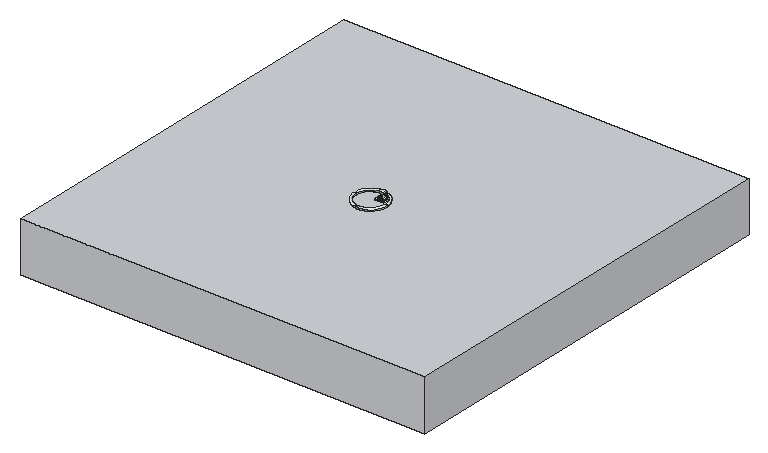
Revit family "Towel_Ring-GROHE-Allure-40339_Series", category Specialty Equipment, host Face, Revit 2019
Family settings
  Host = Face
  Round Connector Dimension = Use Diameter
  Part Type = Normal
  OmniClass Number = 23.40.20.21
  OmniClass Title = Toilet and Bath Specialties
  Cut with Voids When Loaded = No
  Shared = Yes
  Room Calculation Point = No
Parameters (values of type "40339001")
  Width = 7 7/8"  # constant formula
  URL = "https://www.grohe.us"
  Type Comments = ""
  Product Page URL = "https://www.grohe.us/Towel-Rings/Allure-Towel-Ring/GROHE-CHROME-40339001"
  Product Documentation Link = "https://americanstandard.box.com/shared/static/dnb9vxaw9kuhbov569fjw7n64sw8vmuc.pdf"
  Price = "Prices may vary. Please consult Manufacturer Representative for most up-to-date price list."  # constant formula
  Model = "40339001"
  Material = "Metal-Grohe-001-StarLight Chrome"
  Manufacturer = "Grohe"  # constant formula
  Length = 1 7/8"  # constant formula
  Installation Type = "Councealed Mounting"  # constant formula
  Height = 8 3/4"  # constant formula
  Finish = Metal-Grohe-001-StarLight Chrome
  Description = "Allure Reserve Toilet Paper Holder"  # constant formula
  Default Elevation = 40"  # constant formula
  Creation Date = "06/14/2023"  # constant formula
  Assembly Code = "C1030200"
Types (4): name | Model | Material | Finish
  40339001 | "40339001" | "Metal-Grohe-001-StarLight Chrome" | Metal-Grohe-001-StarLight Chrome
  40339EN1 | "40339EN1" | "Metal-Grohe-EN1-Brushed Nickel Infinity Finish" | Metal-Grohe-EN1-Brushed Nickel Infinity Finish
  40339GN1 | "40339GN1" | "Metal-Grohe-GN1-Brushed Cool Sunrise" | Metal-Grohe-GN1-Brushed Cool Sunrise
  403392431 | "403392431" | "Metal-Grohe-2431-Matte Black" | Metal-Grohe-2431-Matte Black
Reference planes (in)
  plane 1 "Center (Front/Back)": y = -0.3125
  plane 2: z = 0
  plane 3 "Center (Left/Right)": x = 0
  plane 4: y = 0.78125
  plane 5: y = -1.40625
  plane 6: x = -1.09375
  plane 7: x = 1.09375
  plane 8: z = 1.875
  plane 9: y = -7.96875
  plane 10: x = 3.9375
  plane 11: x = -3.9375
Forms (in)
  Extrusion 1, solid
    sketch origin (0, 0, 0) x (1, 0, 0) y (0, 1, 0)
      loop
        line (-48, 48) -> (-48, -48) -> (48, -48) -> (48, 48) -> (-48, 48)
    from 0 to -12
  Extrusion 2, solid, material "Metal-Grohe-001-StarLight Chrome" <- "Finish"
    sketch origin (0, 0, 0) x (1, 0, 0) y (0, 1, 0)
      loop
        arc (-1.06641, 0.78125) -> (-1.08574, 0.77324) -> (-1.09375, 0.75391) r 0.02734
        line (-1.09375, 0.75391) -> (-1.09375, -1.37891)
        arc (-1.09375, -1.37891) -> (-1.08574, -1.39824) -> (-1.06641, -1.40625) r 0.02734
        line (-1.06641, -1.40625) -> (1.06641, -1.40625)
        arc (1.06641, -1.40625) -> (1.08574, -1.39824) -> (1.09375, -1.37891) r 0.02734
        line (1.09375, -1.37891) -> (1.09375, 0.75367)
        arc (1.09375, 0.75367) -> (1.08567, 0.77317) -> (1.06617, 0.78125) r 0.02758
        line (1.06617, 0.78125) -> (-1.06641, 0.78125)
    from 0 to 0.23571
  Revolve 3, solid, material "Metal-Grohe-001-StarLight Chrome" <- "Finish"
    sketch origin (0, 0, 0) x (0, 1, 0) y (0, 0, 1)
      loop
        line (-0.3125, 0.20707) -> (-0.3125, 1.61549) -> (-0.55531, 1.61549) -> (-0.55531, 0.51192)
        arc (-0.55531, 0.51192) -> (-0.63486, 0.31988) -> (-0.8269, 0.24033) r 0.27159
        line (-0.8269, 0.24033) -> (-1.03341, 0.24033) -> (-1.03341, 0.20707) -> (-0.3125, 0.20707)
      axis (-0.3125, 0.20707) -> (-0.3125, 1.61549)
    angle from 0 to 360
  Sweep 4, solid, material "Metal-Grohe-001-StarLight Chrome" <- "Finish"
    path origin (-0.00236, -0.78743, -0.95048) x (1, 0, 0) y (0, 1, 0)
      loop
        circle (0, -3.24382) r 3.9375
    profile origin (-0.00236, -0.09375, -0.95048) x (0, -1, 0) y (0, 0, 1)
      loop
        circle (0.21433, 2.5) r 0.21295
  Extrusion 5, solid, material "Metal-Grohe-001-StarLight Chrome" <- "Finish"
    sketch origin (-0.00236, -0.28125, -0.8411) x (0, 1, 0) y (0, 0, 1)
      loop
        circle (-0.0625, 2.38802) r 0.32652
    from -0.54106 to 0.52522
  Extrusion 6, void
    sketch origin (-0.00147, 0.00103, 0) x (1, 0, 0) y (0, 1, 0)
      loop
        circle (0, -0.3125) r 1
      loop
        circle (0, -0.3125) r 0.98387
      loop
        circle (0, -0.3125) r 0.8369
      loop
        circle (0, -0.3125) r 0.8204
    from 0.21956 to 0.32098
Cuts and joins
  joined: Revolve 3, Sweep 4, Extrusion 5
  Extrusion 6 cuts Extrusion 2
Lines and regions (in)
  Masking region 1
    outline origin (0, -0.3125, 0) x (1, 0, 0) y (0, 0, 1)
      loop
        line (-1.09375, 0) -> (1.09375, 0) -> (1.09375, 0.24033) -> (0.51522, 0.24033)
        arc (0.51522, 0.24033) -> (0.32008, 0.32116) -> (0.23926, 0.51629) r 0.27596
        line (0.23926, 0.51629) -> (0.23926, 1.21372) -> (0.52285, 1.21372) -> (0.52285, 1.33751) -> (3.72098, 1.33751)
        arc (3.72098, 1.33751) -> (3.93388, 1.55041) -> (3.72098, 1.76331) r 0.2129
        line (3.72098, 1.76331) -> (0.52285, 1.76331) -> (0.52285, 1.87344) -> (-0.54342, 1.87344) -> (-0.54342, 1.76331) -> (-3.74154, 1.76331)
        arc (-3.74154, 1.76331) -> (-3.95445, 1.55041) -> (-3.74154, 1.33751) r 0.2129
        line (-3.74154, 1.33751) -> (-0.54342, 1.33751) -> (-0.54342, 1.21269) -> (-0.23849, 1.21269) -> (-0.23849, 0.51423)
        arc (-0.23849, 0.51423) -> (-0.31872, 0.32055) -> (-0.5124, 0.24033) r 0.2739
        line (-0.5124, 0.24033) -> (-1.09375, 0.24033) -> (-1.09375, 0)
  symbolic lines, detail levels medium+fine
    curve 1: line (0.72091, -0.3125, 0.24033) -> (-0.72091, -0.3125, 0.24033)
    curve 2: line (0, -0.3125, 1.36941) -> (0, -0.3125, 1.2982)
    curve 3: line (0, -0.3125, 1.2982) -> (0, -0.3125, 1.36941)
    curve 4: line (0.52285, -0.3125, 1.2204) -> (0.52285, -0.3125, 1.87344)
    curve 5: line (-0.54342, -0.3125, 1.87344) -> (-0.54342, -0.3125, 1.2204)
Dimensions and locks (in)
  equal spacing: plane 4, plane 1 "Center (Front/Back)", plane 5
  equal spacing: plane 6, plane 3 "Center (Left/Right)", plane 7
  "Height": plane 4 to plane 9
  "Width": plane 11 to plane 10
  locked: plane 3 "Center (Left/Right)" to plane 10 at 3.9375
  locked: plane 11 to plane 3 "Center (Left/Right)" at 3.9375
  locked: plane 8 to plane 2 at 1.875
  plane 4 to plane 9 = 8 3/4"
  aligned and locked: plane 2 to Extrusion 1
  aligned and locked: level to Extrusion 1
  aligned and locked: Extrusion 2 sketch curve to plane 4
  aligned and locked: plane 5 to Extrusion 2 sketch curve
  aligned and locked: plane 6 to Extrusion 2 sketch curve
  aligned and locked: Extrusion 2 sketch curve to plane 7
  aligned and locked: Revolve 3 sketch curve to plane 1 "Center (Front/Back)"
  aligned and locked: Masking region 1 sketch curve to Extrusion 2
  aligned and locked: Masking region 1 sketch curve to cut or joined group of Revolve 3, Sweep 4, Extrusion 5  (x2)
  aligned and locked: curve 4 to cut or joined group of Revolve 3, Sweep 4, Extrusion 5
  aligned and locked: curve 5 to cut or joined group of Revolve 3, Sweep 4, Extrusion 5
Automatic sketch dimensions
  Extrusion 1 sketch curve to Extrusion 1 sketch curve = 96"  (x2)
  Revolve 3 sketch curve to plane 1 "Center (Front/Back)" = 0"
  Revolve 3 sketch curve to Revolve 3 sketch curve = 0.20651"
  level to Revolve 3 sketch curve = 0.20707"
  Revolve 3 sketch curve to Revolve 3 sketch curve = 0.03326"
  Revolve 3 sketch curve to Revolve 3 sketch curve = 1.3151"
  plane 6 to Extrusion 2 sketch curve = 7/256"
  Extrusion 2 sketch curve to Extrusion 2 sketch curve = 7/256"
  Extrusion 2 sketch curve to plane 4 = 0.02758"
  Extrusion 2 sketch curve to plane 7 = 7/256"
  Revolve 3 sketch curve to Revolve 3 sketch curve = 0.21481"
  plane 1 "Center (Front/Back)" to Revolve 3 sketch curve = 0.24281"
  Revolve 3 sketch curve to Revolve 3 sketch curve = 0.27159"
  plane 6 to curve 1 = 0.37284"
  curve 1 to plane 7 = 0.37284"
  level to curve 1 = 0.24033"
  Sweep 4 sketch curve to profile plane = 0.21433"
  profile plane to Sweep 4 sketch curve = 2 1/2"
  Sweep 4 sketch curve to plane 3 "Center (Left/Right)" = 0.00236"
  Sweep 4 sketch curve to plane 5 = 2 5/8"
  plane 1 "Center (Front/Back)" to Extrusion 5 sketch curve = 1/32"
  plane 8 to Extrusion 5 sketch curve = 0.32808"
  plane 8 to Revolve 3 sketch curve = 0.25951"
  Masking region 1 sketch curve to plane 6 = 0"
  Masking region 1 sketch curve to plane 7 = 0"
  plane 8 to Masking region 1 sketch curve = 0.11169"
  plane 11 to Masking region 1 sketch curve = 0.19596"
  Masking region 1 sketch curve to plane 3 "Center (Left/Right)" = 0.5124"
  Masking region 1 sketch curve to plane 3 "Center (Left/Right)" = 0.23849"
  plane 3 "Center (Left/Right)" to Masking region 1 sketch curve = 0.23926"
  Masking region 1 sketch curve to Masking region 1 sketch curve = 0.27596"
  Masking region 1 sketch curve to plane 10 = 0.21652"
  level to Masking region 1 sketch curve = 0.24033"  (x2)
  Masking region 1 sketch curve to Masking region 1 sketch curve = 0.55063"
  Masking region 1 sketch curve to Masking region 1 sketch curve = 0.00103"
  plane 8 to Masking region 1 sketch curve = 0.53749"
  Masking region 1 sketch curve to Masking region 1 sketch curve = 0.2129"
  plane 8 to Masking region 1 sketch curve = 0.00156"
  Masking region 1 sketch curve to Masking region 1 sketch curve = 0"  (x2)
  Masking region 1 sketch curve to Masking region 1 sketch curve = 0.42581"
  curve 2 to plane 3 "Center (Left/Right)" = 0"
  curve 3 to plane 3 "Center (Left/Right)" = 0"
  plane 8 to curve 4 = 0.6546"
  curve 4 to curve 3 = 0.07781"
  curve 2 to curve 3 = 0"  (x2)
  curve 2 to curve 3 = 0.07121"
  plane 8 to curve 4 = 0.00156"
  curve 5 to curve 2 = 0.07781"
  plane 8 to curve 5 = 0.00156"
  Extrusion 6 sketch curve to Extrusion 6 sketch curve = 0"  (x12)
  Extrusion 6 sketch curve to plane 3 "Center (Left/Right)" = 0.00147"
  Extrusion 6 sketch curve to plane 1 "Center (Front/Back)" = 0.00103"
  radius of Sweep 4 sketch curve = 3 15/16"
  radius of Sweep 4 sketch curve = 0.21295"
  radius of Extrusion 5 sketch curve = 0.32652"
  radius of Extrusion 6 sketch curve = 1"
  radius of Extrusion 6 sketch curve = 0.98387"
  radius of Extrusion 6 sketch curve = 0.8369"
  radius of Extrusion 6 sketch curve = 0.8204"
